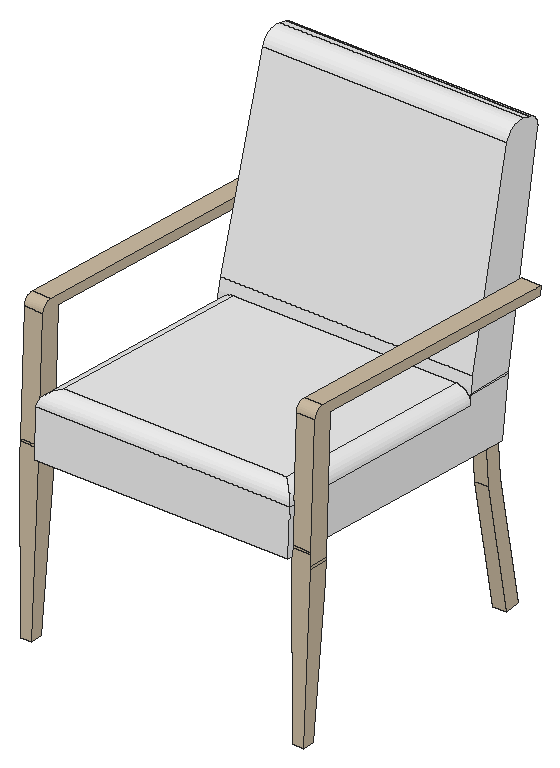
Revit family "9205-1 Arm Chair", category Furniture, Revit 2020
Family settings
  OmniClass Number = 23.40.20.00
  OmniClass Title = General Furniture and Specialties
  Work Plane-Based = No
  Always vertical = Yes
  Cut with Voids When Loaded = No
  Shared = No
  Room Calculation Point = No
Parameters
  Material_Chair_Leg = Default Leg
  Material_Chair = Default Chair
  Default Elevation = 0 mm
Reference planes
  plane 1 "Center (Front/Back)": y = 0
  plane 2: z = 0
  plane 3 "Center (Left/Right)": x = 0
  plane 4: through (-277.471, -1524, 5.972) normal (-0.9997, 0, 0.0234)
  plane 5: through (-247.506, -1524, 5.972) normal (-0.9998, 0, 0.0175)
  plane 6: through (-302.529, -1524, 5.972) normal (-0.9997, 0, -0.0234)
Forms (mm)
  Extrusion 1, solid, material "Default Chair" <- "Material_Chair"
    sketch origin (0, 0, 0) x (0, 1, 0) y (0, 0, 1)
      loop
        line (153.861, 329.897) -> (153.861, 460.765) -> (-333.389, 482.264) -> (-339.152, 351.65) -> (153.861, 329.897)
    from -270 to 270
  Sweep 2, void
    path in 3D
      loop
        line (270, 153.861, 460.765) -> (270, -333.389, 482.264) -> (-270, -333.389, 482.264) -> (-270, 153.861, 460.765)
    profile origin (-270, -89.764, 471.515) x (0, -0.044079, -0.999028) y (-1, 0, 0)
      loop
        line (0, 0) -> (0, -32)
        arc (0, -32) -> (9.373, -9.373) -> (32, 0) r 32
        line (32, 0) -> (0, 0)
  Extrusion 3, solid, material "Default Chair" <- "Material_Chair"
    sketch origin (0, 0, 0) x (0, 1, 0) y (0, 0, 1)
      loop
        line (149.108, 330.107) -> (232.073, 326.446)
        arc (232.073, 326.446) -> (236.111, 388.748) -> (246.131, 450.37) r 647.337
        line (246.131, 450.37) -> (336.573, 875.864)
        arc (336.573, 875.864) -> (333.086, 894.678) -> (317.317, 905.516) r 25
        line (317.317, 905.516) -> (301.83, 908.808)
        arc (301.83, 908.808) -> (273.904, 903.934) -> (257.123, 881.087) r 38
        line (257.123, 881.087) -> (155.39, 484.811)
        arc (155.39, 484.811) -> (150.685, 460.142) -> (149.108, 435.079) r 200
        line (149.108, 435.079) -> (149.108, 330.107)
    from -283.917 to 278.862
  Extrusion 4, void
    sketch origin (0, 0, 0) x (-1, 0, 0) y (0, 0, -1)
      loop
        line (-287.937, -937.898) -> (-259.572, -937.898) -> (-269.954, -452.433)
        arc (-269.954, -452.433) -> (-269.989, -450.295) -> (-270, -448.157) r 200
        line (-270, -448.157) -> (-270, -312.143) -> (-287.937, -312.143) -> (-287.937, -937.898)
    from -434.87 to -149.108
  Extrusion 5, void
    sketch origin (0, 0, 0) x (1, 0, 0) y (0, 0, 1)
      loop
        line (-287.937, 937.898) -> (-287.937, 317.961) -> (-270, 317.961) -> (-270, 448.157)
        arc (-270, 448.157) -> (-269.989, 450.295) -> (-269.954, 452.433) r 200
        line (-269.954, 452.433) -> (-259.572, 937.898) -> (-287.937, 937.898)
    from -434.87 to -149.108
Cuts and joins
  Sweep 2, Extrusion 4, Extrusion 5 cuts Extrusion 1
  Extrusion 4, Extrusion 5 cuts Extrusion 3
  joined: Extrusion 1, Extrusion 3
Lines and regions (mm)
  sketch lines
    curve 1: line (-270, -333.389, 482.264) -> (-270, 153.861, 460.765)
    curve 2: line (270, -333.389, 482.264) -> (-270, -333.389, 482.264)
    curve 3: line (270, 153.861, 460.765) -> (270, -333.389, 482.264)
Dimensions and locks
  aligned and locked: level to plane 2
Nested families
  nested 1: "element 1" at (-257.162, 244.673, 0), type "element 1"
  nested 2: "element 2" at (-290, -316.408, 0), type "element 2"
  nested 3: "element 1" at (257.162, 244.673, 0) x (-1, 0, 0) z (0, 0, 1), type "element 1"
  nested 4: "element 2" at (290, -316.408, 0) x (-1, 0, 0) z (0, 0, 1), type "element 2"
Definition of nested family "element 1"
  Parameters (values of type "element 1")
    Material_Chair_Leg = none
    Default Elevation = 0 mm
  Reference planes
    plane 1 "Center (Front/Back)": y = 0
    plane 2: z = 0
    plane 3 "Center (Left/Right)": x = 0
  Forms (mm)
    Extrusion 1, solid, material <- "Material_Chair_Leg"
      sketch origin (-27.549, -244.673, 0) x (0, 1, 0) y (0, 0, 1)
        loop
          line (220.874, 326.94) -> (190.902, 328.263)
          arc (190.902, 328.263) -> (191.426, 291.429) -> (195.45, 254.812) r 386.962
          line (195.45, 254.812) -> (235.807, 0.008) -> (265.438, 4.702) -> (225.081, 259.505)
          arc (225.081, 259.505) -> (221.379, 293.123) -> (220.874, 326.94) r 356.962
      from 0 to 51.745
    Extrusion 2, void
      sketch origin (0, 0, 0) x (1, 0, 0) y (0, 0, 1)
        loop
          line (-27.549, 328.263) -> (-27.549, 0.008) -> (-20.3, 0.008) -> (-12.621, 328.263) -> (-27.549, 328.263)
        loop
          line (17.379, 328.263) -> (9.7, 0) -> (39.39, 0) -> (39.39, 328.263) -> (17.379, 328.263)
      from -51.681 to 250
  Cuts and joins
    Extrusion 2 cuts Extrusion 1
  Lines and regions (mm)
    reference lines
      curve 1: line (149.196, 0, 0) -> (149.196, 0, 190)
  Dimensions and locks
    aligned and locked: level to plane 2
Definition of nested family "element 2"
  Parameters (values of type "element 2")
    Material_Chair_Leg = none
    Default Elevation = 0 mm
  Reference planes
    plane 1 "Center (Front/Back)": y = 0
    plane 2: z = 0
    plane 3 "Center (Left/Right)": x = 0
  Forms (mm)
    Sweep 1, solid, material <- "Material_Chair_Leg"
      path origin (290, 317.964, 20.019) x (0, 1, 0) y (0, 0, 1)
        loop
          line (282.557, 594.569) -> (-316.86, 621.016)
      profile origin (290, 300.812, 627.812) x (0, -0.044079, -0.999028) y (1, 0, 0)
        loop
          line (0, -270) -> (0, -310) -> (20, -310) -> (20, -270) -> (0, -270)
    Sweep 2, void
      path in 3D
        loop
          line (20, 1.104, 641.036) -> (-20, 1.104, 641.036)
      profile origin (0, 1.104, 641.036) x (0, -0.044079, -0.999028) y (0, -0.999028, 0.044079)
        loop
          line (0, 0) -> (0, -20)
          arc (0, -20) -> (5.858, -5.858) -> (20, 0) r 20
          line (20, 0) -> (0, 0)
    Extrusion 3, solid, material <- "Material_Chair_Leg"
      sketch origin (0, 0, 0) x (0, 1, 0) y (0, 0, 1)
        loop
          line (0.223, 621.055) -> (-10.722, 372.998)
          arc (-10.722, 372.998) -> (-10.818, 370.548) -> (-10.89, 368.097) r 250
          line (-10.89, 368.097) -> (-19.905, -0.106) -> (5, -0.106) -> (26.06, 301.072)
          arc (26.06, 301.072) -> (26.264, 304.281) -> (26.426, 307.492) r 250
          line (26.426, 307.492) -> (40.184, 619.292) -> (0.223, 621.055)
      from -36.031 to 20
    Extrusion 4, void
      sketch origin (0, 0, 0) x (1, 0, 0) y (0, 0, 1)
        loop
          line (-11.838, -0.106) -> (-19.929, 339.414)
          arc (-19.929, 339.414) -> (-19.982, 342.392) -> (-20, 345.37) r 250
          line (-20, 345.37) -> (-20, 627.553) -> (-135, 627.553) -> (-135, -0.106) -> (-11.838, -0.106)
      from -95.065 to 250
    Extrusion 5, void
      sketch origin (0, 0, 0) x (1, 0, 0) y (0, 0, 1)
        loop
          line (11.838, -0.106) -> (94.081, -0.106) -> (94.081, 544.894) -> (20, 544.894) -> (20, 342.391) -> (11.838, -0.106)
      from -128.082 to 250
  Cuts and joins
    Sweep 2 cuts Sweep 1
    Extrusion 4, Extrusion 5 cuts Extrusion 3
    joined: Sweep 1, Extrusion 3
  Lines and regions (mm)
    sketch lines
      curve 1: line (20, 1.104, 641.036) -> (-20, 1.104, 641.036)
  Dimensions and locks
    aligned and locked: level to plane 2
